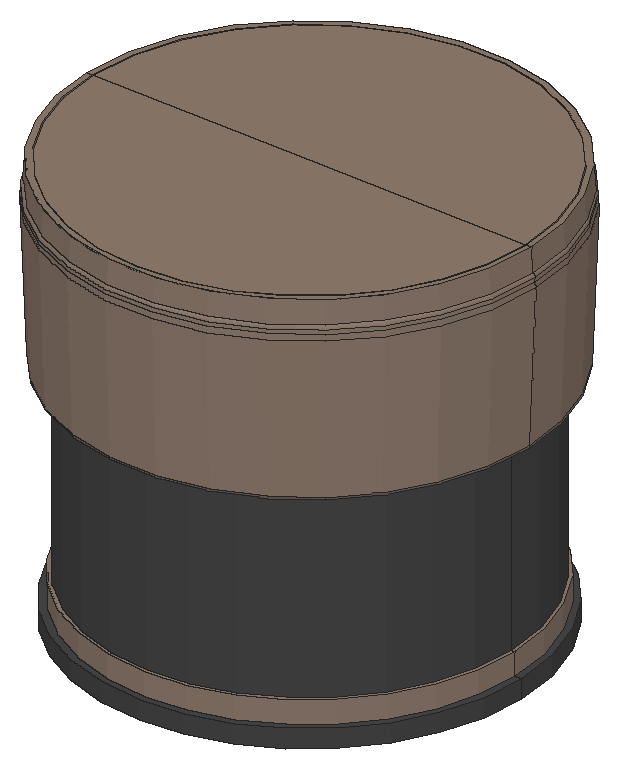
Revit family
Parameters (values of type "4033L08")
  Weight (lb) = 26.16
  Warranty = "1 year material and workmanship"  # constant formula
  URL = "http://www.jrsmith.com"
  Technical and Installation = "http://www.jrsmith.com/products/cleanout/pm/tech.pdf"
  SmartBIM Object Version = 3  # constant formula
  SmartBIM Object Created By = "Reed Construction Data"  # constant formula
  Product URL = "http://www.jrsmith.com/products/cleanout/submittal/d4033.pdf"
  Pipe Radius = Pipe Diameter / 2  # 4"
  Pipe Diameter = 8"
  OmniClass Title = "Sanitary Waste Piping Specialities"  # constant formula
  OmniClass Code = "22-22 13 19 13"  # constant formula
  Model = "4033"  # constant formula
  Material Finish = Duco Coated
  Material = Cast Iron
  Manufacturer = "Jay R. Smith Mfg. Co. "  # constant formula
  Flow Rate = ""
  Description = "Duco cast iron cleanout with round adjustable scoriated secured nickel bronze top"  # constant formula
  Default Elevation = 0"  # constant formula
  Connection Type = ""
  C = 4 9/16"
  B = 3 1/4"
  Assembly Code = "D2030400"
  95 CSI = "15155"  # constant formula
  04 CSI = "22 13 19"  # constant formula
Types (2): name | Weight (lb) | Pipe Radius | Pipe Diameter | B
  4033L06 | 23.07 | 3" | 6" | 3"
  4033L08 | 26.16 | 4" | 8" | 3 1/4"
Reference planes (in)
  plane 1 "Center (Front/Back)": y = 0.875
  plane 2: z = 0
  plane 3 "Center (Left/Right)": x = 0
  plane 4: z = -3.2953
  plane 5: z = -6.5453
  plane 6: z = -7.5625
  plane 7: z = -3
Dimensions and locks (in)
  "B": plane 4 to plane 5
  locked: level to plane 4 at 3.2953
  "C": plane 7 to plane 6
  locked: plane 7 to plane 4 at 0.2953
  aligned and locked: plane 2 to level
  aligned and locked: plane 3 "Center (Left/Right)" to nested 1
  aligned and locked: plane 1 "Center (Front/Back)" to nested 1
Nested families (in)
  nested 1: "4033" at (0, 0, -3.9375), type "4033"
    with Pipe Radius 4", Pipe Diameter 8", C 4 9/16", B 3 1/4"
Connectors (in)
  piping at (0, 0.875, -7.5625), driven by "Pipe Radius"
    settings: on nested 1, index 1
Definition of nested family "4033"
  Parameters (values of type "4033")
    Weight (lb) = 26.16
    Warranty = "1 year material and workmanship"  # constant formula
    URL = "http://www.jrsmith.com"
    Technical and Installation = "http://www.jrsmith.com/products/cleanout/pm/tech.pdf"
    SmartBIM Object Version = 3  # constant formula
    SmartBIM Object Created By = "Reed Construction Data"  # constant formula
    Product URL = "http://www.jrsmith.com/products/cleanout/submittal/d4033.pdf"
    Pipe Radius = Pipe Diameter / 2  # 3"
    Pipe Diameter = 6"
    OmniClass Title = "Sanitary Waste Piping Specialities"  # constant formula
    OmniClass Code = "22-22 13 19 13"  # constant formula
    Model = "2810"  # constant formula
    Material Finish = Duco Coated
    Material = Cast Iron
    Manufacturer = "Jay R. Smith Mfg. Co. "  # constant formula
    Flow Rate = ""
    Description = "Duco cast iron cleanout with round adjustable scoriated secured nickel bronze top"  # constant formula
    Default Elevation = 0"  # constant formula
    Connection Type = ""
    C = 4 13/16"
    B = 3"
    Assembly Code = "D2030400"
    95 CSI = "15155"  # constant formula
    04 CSI = "22 13 19"  # constant formula
  Reference planes (in)
    plane 1 "Center (Front/Back)": y = 0.875
    plane 2: z = 0
    plane 3 "Center (Left/Right)": x = 0
    plane 4: x = 3
    plane 5: x = -3
    plane 6: z = 4.0625
    plane 7: z = 0.9375
    plane 8: z = -2.0625
    plane 9: z = -3.875
    plane 10: x = -4.25
    plane 11: x = 4.25
    plane 12: z = 3.9375
  Forms (in)
    Revolve 1, solid, material "Cast Iron" <- "Material", detail levels fine
      sketch origin (0, 0.875, -4) x (1, 0, 0) y (0, 0, 1)
        loop
          line (0, 8.0625) -> (0, 7.14096) -> (0.21104, 7.14096) -> (0.21104, 7.79549) -> (4.07745, 7.79549) -> (4.07745, 8.0625) -> (0, 8.0625)
        axis (0, 8.0625) -> (0, 7.14096)
      angle from 0 to 360
    Revolve 2, solid, material "Cast Iron" <- "Material", detail levels fine
      sketch origin (0, 0.875, -4) x (1, 0, 0) y (0, 0, 1)
        loop
          line (4.15644, 4.70115) -> (4.25662, 7.39088) -> (4.25277, 7.50415) -> (4.25037, 7.57263)
          arc (4.25037, 7.57263) -> (4.22793, 7.62301) -> (4.17679, 7.64367) r 0.07362
          line (4.17679, 7.64367) -> (3.77957, 7.64367) -> (3.76385, 7.39088) -> (4.00666, 7.39088) -> (3.92275, 5.14195) -> (3.65546, 5.14195) -> (3.65546, 4.95818) -> (3.43573, 4.95818) -> (3.43573, 0.46318) -> (3.87569, 0.46318) -> (3.87569, 0.87878) -> (3.74814, 0.87878) -> (3.74814, 4.6422) -> (4.09525, 4.6422)
          arc (4.09525, 4.6422) -> (4.13774, 4.65934) -> (4.15644, 4.70115) r 0.06123
        axis (0, 7.64367) -> (0, 0.46318)
      angle from 0 to 360
    Revolve 3, solid, material "Cast Iron" <- "Material", detail levels fine
      sketch origin (0, 0.875, -8) x (1, 0, 0) y (0, 0, 1)
        loop
          line (4.19483, 12.0625) -> (4.07745, 12.0625) -> (4.07745, 11.79066) -> (3.62469, 11.79066) -> (3.62469, 11.14367) -> (3.74177, 11.14367) -> (3.74177, 11.64367) -> (4.21678, 11.64367) -> (4.19483, 12.0625)
        axis (0, 11.14367) -> (0, 12.0625)
      angle from 0 to 360
    Revolve 4, solid, material "Duco Coated" <- "Material Finish", detail levels fine
      sketch origin (0, 0.875, -7.3603) x (1, 0, 0) y (0, 0, 1)
        loop
          line (3.87569, 3.4853) -> (3.87569, 3.82348) -> (3, 3.82348) -> (3, 3.4853) -> (3.87569, 3.4853)
        axis (0, 3.4853) -> (0, 3.82348)
      angle from 0 to 360
    Revolve 5, solid, material "Duco Coated" <- "Material Finish"
      sketch origin (0, 0.875, 0) x (1, 0, 0) y (0, 0, 1)
        loop
          line (-3.80758, -3.12122) -> (-3.74814, -3.12122) -> (-3.74814, 0.9375) -> (-3.80758, 0.9375) -> (-3.80758, -3.12122)
        axis (0, 0.9375) -> (0, -3.12122)
      angle from 0 to 360
  Lines and regions (in)
    model lines
      curve 1: line (-4.19483, 0.875, 4.0625) -> (4.19483, 0.875, 4.0625)
      curve 2: line (0, 0.875, 4.0625) -> (0, 0.875, -3.875)
  Dimensions and locks (in)
    "Pipe Radius": plane 4 to plane 3 "Center (Left/Right)"
    equal spacing: plane 4, plane 3 "Center (Left/Right)", plane 5
    "B": plane 7 to plane 8
    "C": plane 7 to plane 9
    plane 6 to Revolve 3 sketch curve to Revolve 3 sketch curve to Revolve 3 sketch curve = 0.27184" locked, 0.14699" locked, 1/2" locked
    plane 6 to Revolve 1 sketch curve to Revolve 1 sketch curve = 0.26701" locked, 0.65453" locked
    locked: Revolve 4 sketch curve to plane 9 at 0.33818
    Revolve 3 sketch curve to Revolve 3 sketch curve to Revolve 2 = 0.11708" locked, 0.51485" locked
    Revolve 3 sketch curve to Revolve 3 sketch curve to Revolve 3 sketch curve = 0.33569" locked, 0.13933" locked
    Revolve 2 sketch curve to Revolve 2 sketch curve to Revolve 2 sketch curve to plane 2 = 0.18377" locked, 0.31598" locked, 0.6422" locked
    plane 6 to Revolve 2 sketch curve to Revolve 2 sketch curve = 0.41883" locked, 0.25279" locked
    equal spacing: plane 11, plane 3 "Center (Left/Right)", plane 10
    locked: plane 11 to plane 10 at 8.5
    locked: plane 11 to Revolve 2 sketch curve at 0.00277
    Revolve 2 sketch curve to Revolve 2 sketch curve to Revolve 2 sketch curve to Revolve 2 sketch curve to Revolve 2 sketch curve to plane 11 = 0.21973" locked, 0.09269" locked, 0.1746" locked, 0.2337" locked, 0.09356" locked
    Revolve 2 sketch curve to Revolve 2 sketch curve to Revolve 2 sketch curve to Revolve 2 sketch curve to plane 11 = 0.01572" locked, 0.22709" locked, 0.17013" locked, 0.07321" locked
    plane 7 to level = 15/16"
    locked: plane 6 to plane 12 at 0.125
    "Pipe Radius": Revolve 4 sketch curve to plane 3 "Center (Left/Right)"
    locked: Revolve 5 sketch curve to Revolve 5 sketch curve at 0.05943
    aligned and locked: plane 2 to level
    aligned and locked: Revolve 3 sketch curve to plane 6
    aligned and locked: Revolve 1 sketch curve to plane 6
    aligned and locked: plane 9 to Revolve 4 sketch curve
    aligned and locked: Revolve 3 to Revolve 1 sketch curve
    aligned and locked: curve 1 to Revolve 3
    aligned and locked: Revolve 4 to curve 2
    aligned and locked: plane 7 to Revolve 5 sketch curve
    aligned and locked: Revolve 5 sketch curve to plane 3 "Center (Left/Right)"
    aligned and locked: Revolve 2 to Revolve 5 sketch curve
  Automatic sketch dimensions
    Revolve 3 sketch curve to Revolve 3 sketch curve = 0.11738"
    Revolve 3 sketch curve to Revolve 3 sketch curve = 1.86433"
    Revolve 3 sketch curve to plane 3 "Center (Left/Right)" = 0"
    Revolve 3 sketch curve to plane 2 = 4"
    Revolve 1 sketch curve to level = 0"
    Revolve 1 sketch curve to plane 3 "Center (Left/Right)" = 0"  (x2)
    plane 3 "Center (Left/Right)" to Revolve 1 sketch curve = 0.21104"
    plane 6 to Revolve 1 sketch curve = 0.58133"
    Revolve 4 sketch curve to plane 3 "Center (Left/Right)" = 0"
    Revolve 4 sketch curve to level = 0.3603"
    plane 6 to Revolve 4 sketch curve = 1.3272"
    curve 2 to plane 3 "Center (Left/Right)" = 0"
    plane 10 to curve 1 = 0.05517"
    plane 11 to curve 1 = 0.05517"
    Revolve 2 sketch curve to plane 3 "Center (Left/Right)" = 0"
    Revolve 2 sketch curve to Revolve 2 sketch curve = 0.06119"
    Revolve 2 sketch curve to plane 11 = 0.00037"
    Revolve 2 sketch curve to plane 11 = 0.00662"
    level to Revolve 2 sketch curve = 0.07029"
    plane 8 to Revolve 2 sketch curve = 0.88279"
    plane 9 to Revolve 2 sketch curve = 0.75378"
    plane 9 to Revolve 2 sketch curve = 0.33818"
    Revolve 2 sketch curve to Revolve 2 sketch curve = 0.05895"
    Revolve 2 sketch curve to Revolve 2 sketch curve = 0"
    Revolve 2 sketch curve to Revolve 2 sketch curve = 29/256"
    Revolve 2 sketch curve to Revolve 2 sketch curve = 0.07362"
    plane 10 to Revolve 5 sketch curve = 0.50186"
    Revolve 5 sketch curve to plane 9 = 28.63061"
    plane 6 to Revolve 5 sketch curve = 4.2665"
    Revolve 2 sketch curve to Revolve 2 sketch curve = 0.12754"
    plane 11 to Revolve 4 sketch curve = 0.37431"
